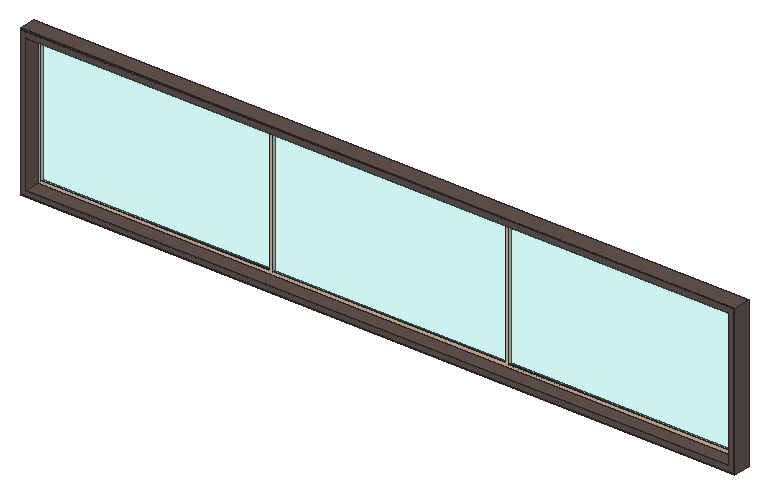
Revit family "RYN_WIN_TopFixed3_In.ST.Gls._Fr.ST.AL", category Windows, host Wall, Revit 2025
Family settings
  Host = Wall
  OmniClass Number = 23.30.10.00
  Always vertical = Yes
  Cut with Voids When Loaded = No
  Shared = No
  Room Calculation Point = No
Parameters (values of type "W4000 X H4000 mm")
  Width = RYN_WIN_Width  # 6000.00 mm
  Visual Light Transmittance = 0
  Type Comments = "RYN_DOR_Swing_2Panel_In.GLS_Fr.AL"
  Top panel Frame Width = 25.00 mm
  Top Panel Width = RYN_WIN_Width - 2 * RYN_Door_FrameDepth  # 5900.00 mm
  Top Panel Height = RYN_WIN_Height - 2 * RYN_Door_FrameDepth - RYN_Door_PanelHeight - Between Height Top & Door - RYN_Door_FrameDepth  # 1150.00 mm
  Thickness = 0.00 mm
  Thermal Resistance (R) = 0.270117 (m²·K)/W
  Swing Angle [instance] = 75.00°
  Solar Heat Gain Coefficient = 0
  Side Panel Width = (RYN_WIN_Width - Mid 2 Panel Width - 4 * RYN_Door_FrameDepth) / 2  # 1900.00 mm
  RYN_WIN_Width = 6000.00 mm
  RYN_WIN_Height = 4500.00 mm
  RYN_Material_Louver = RYN_MAT_DoorPanel_Louver_Aluminium
  RYN_Material_Glass = RYN_MAT_DoorPanel_Glazing
  RYN_Material_DoorLeaf = RYN_MAT_DoorPanel_Timber
  RYN_Material_DoorFrame = RYN_MAT_DoorFrame_Timber
  RYN_Door_TrimProjection.In = 25.00 mm
  RYN_Door_TrimProjection = 25.00 mm
  RYN_Door_SwingAngle = 75.00°
  RYN_Door_PanelWidth = Mid 2 Panel Width / 2  # 1000.00 mm
  RYN_Door_PanelThickness = 25.00 mm
  RYN_Door_PanelHeight = 2800.00 mm
  RYN_Door_PanelFrameDepth = 100.00 mm
  RYN_Door_OpenArea = RYN_Door_PanelWidth * RYN_Door_PanelHeight  # 2.80 m²
  RYN_Door_OffsetFromExternalSide = 25.00 mm
  RYN_Door_Name = ""
  RYN_Door_HandleOffset = 200.00 mm
  RYN_Door_HandleHeight = 900.00 mm
  RYN_Door_GlassThickness = 12.00 mm
  RYN_Door_FrameWidth = 150.00 mm
  RYN_Door_FrameDepth = 50.00 mm
  Pivot Point = 600.00 mm
  Open Width = RYN_WIN_Width - 2 * RYN_Door_FrameDepth  # 5900.00 mm
  Op Height = RYN_WIN_Height - RYN_Door_FrameDepth  # 4450.00 mm
  Mid Panel Material = yes
  Mid 2 Panel Width = 2000.00 mm
  LVR WIDTH = RYN_WIN_Width - 2 * (LVR OFF + RYN_Door_FrameDepth)  # 5700.00 mm
  LVR OFF = 100.00 mm
  LVR NOS = 25
  LVR HEIGHT = RYN_WIN_Height - 2 * LVR OFF - RYN_Door_FrameDepth  # 4250.00 mm
  LOUVER = no
  Height = RYN_WIN_Height  # 4500.00 mm
  Heat Transfer Coefficient (U) = 3.7021 W/(m²·K)
  GLASS = yes
  Door Panel In Timber = Door - Panel In Timber
  Description = "2 Panel Swing Door - Glass Panel - Aluminum Frame"
  Construction Type Id = "MDOOR"
  Wall Closure = By host
  Between Height Top & Door = 400.00 mm
  Actual Pivot Point = if(Pivot Point < 1.00 mm, 1.00 mm, Pivot Point)  # 600.00 mm
Reference planes
  plane 1: y = 0
  plane 2: z = 0
  plane 3: x = 0
  plane 4: x = -2950
  plane 5: x = 2950
  plane 6: z = 2800
  plane 7: z = 4500
  plane 8 "WALL": y = 95
  plane 9 "Off": y = 70
  plane 10: x = -3000
  plane 11: x = 3000
  plane 12: x = 1000
  plane 13: x = -1000
  plane 14: x = 1050
  plane 15: x = -1050
  plane 16: z = 2850
  plane 17: x = 400
  plane 18: z = 3300
  plane 19: z = 3250
Forms (mm)
  Sweep 1, solid, material "RYN_MAT_DoorFrame_Timber" <- "RYN_Material_DoorFrame"
    path origin (0, 70, 0) x (1, 0, 0) y (0, 0, 1)
      loop
        line (-3000, 4500) -> (-3000, 3250) -> (3000, 3250) -> (3000, 4500) -> (-3000, 4500)
    profile "RYN_DOR_PRO_Frame : RYN_DOR_PRO_Frame" origin (3000, 70, 3875) x (1, 0, 0) y (0, -1, 0)
      loop
        line (0, 145) -> (-5, 145) -> (-5, 150) -> (-50, 150) -> (-50, 0) -> (-5, 0) -> (-5, 5) -> (0, 5) -> (0, 145)
Lines and regions (mm)
  Opening 1
    outline origin (-1524, -145, 3657.6) x (0, 0, -1) y (1, 0, 0)
      loop
        line (-842.4, -1476) -> (407.6, -1476) -> (407.6, 4524) -> (-842.4, 4524) -> (-842.4, -1476)
  model lines
    curve 1: line (-3000, -145, 3250) -> (-3000, -145, 4500)
    curve 2: line (-3000, -145, 4500) -> (3000, -145, 4500)
    curve 3: line (3000, -145, 4500) -> (3000, -145, 3250)
  symbolic lines
    curve 4: line (-2950, 95, 0) -> (-2925, 95, 0)
    curve 5: line (2950, 95, 0) -> (2925, 95, 0)
    curve 6: line (-3000, 70, 3250) -> (3000, 70, 3250)
Dimensions and locks
  equal spacing: plane 4, plane 3, plane 5
  "Open Width": plane 4 to plane 5
  "RYN_Door_PanelHeight": plane 6 to plane 2
  "RYN_Door_FrameDepth": plane 4 to curve 1
  "RYN_Door_FrameDepth": plane 5 to curve 3
  "RYN_Door_FrameDepth": plane 6 to plane 16
  plane 6 to level = 2800.00 mm  (x2)
  "RYN_WIN_Height": plane 7 to level
  equal spacing: plane 11, plane 3, plane 10
  "RYN_WIN_Width": plane 11 to plane 10
  equal spacing: plane 13, plane 3, plane 12
  "Mid 2 Panel Width": plane 13 to plane 12
  "RYN_Door_FrameDepth": plane 15 to plane 13
  "RYN_Door_FrameDepth": plane 12 to plane 14
  "RYN_Door_OffsetFromExternalSide": plane 8 "WALL" to plane 9 "Off"
  plane 6 to plane 2 = 2800.00 mm  (x2)
  "Actual Pivot Point": plane 17 to plane 12
  "Between Height Top & Door": plane 19 to plane 16
  "RYN_Door_FrameDepth": plane 18 to plane 19
  aligned and locked: host wall to plane 8 "WALL"
  aligned and locked: Opening 1 sketch curve to plane 10
  aligned and locked: plane 7 to Opening 1 sketch curve
  aligned and locked: Opening 1 sketch curve to plane 11
  aligned and locked: Sweep 1 sketch curve to plane 10
  aligned and locked: Sweep 1 sketch curve to plane 7
  aligned and locked: Sweep 1 sketch curve to plane 11
  aligned and locked: nested 1 to plane 17
  aligned and locked: plane 9 "Off" to nested 1
  aligned and locked: plane 3 to nested 2
  aligned and locked: nested 2 to plane 18
  aligned and locked: level to plane 2
  aligned and locked: plane 9 "Off" to nested 2
  aligned and locked: plane 7 to curve 2
  aligned and locked: Sweep 1 sketch curve to plane 19  (x2)
  aligned and locked: Opening 1 sketch curve to plane 19
  aligned and locked: curve 6 to plane 19
Automatic sketch dimensions
  curve 4 to plane 4 = 25.00 mm
  curve 6 to plane 10 = 0.00 mm
  curve 6 to plane 4 = 5950.00 mm
  curve 1 to plane 19 = 0.00 mm
  curve 3 to plane 19 = 0.00 mm
  curve 5 to host wall = 0.00 mm
  curve 5 to plane 5 = 0.00 mm
  plane 5 to curve 5 = 25.00 mm
  curve 4 to host wall = 0.00 mm
  curve 4 to plane 4 = 0.00 mm
Nested families
  nested 1: "Door - Plan Pivot Swing" at (400, 70, 0), Swing Angle <- "Swing Angle", type "Door - Plan Pivot Swing"
    with Swing Angle 75.00°, Actual Angle 75.00°, Width 2000.00 mm, Swing Width 1400.00 mm, RYN_Door_PanelWidth 2000.00 mm, RYN_Door_PanelThickness 25.00 mm, Pivot Point 600.00 mm
  nested 2: "TOP PANEL - MID" at (-44.7, 70, 3300), type "TOP PANEL - MID"
    with Sliding ON no, H4 ON no, H3 ON no, H2 ON no, H1 ON no, Panel frame width 25.00 mm, Mid Space 1958.333 mm, Height 1150.00 mm, Width 5900.00 mm, GLASS THICKNESS 12.00 mm
Definition of nested family "TOP PANEL - MID"
  Parameters (values of type "TOP PANEL - MID")
    Sliding ON [instance] = yes
    PANEL = none
    Thickness = 25.00 mm
    Panel frame width = 100.00 mm
    Mid Space = (Width - Panel frame width) / 3  # 1633.333 mm
    Height = 550.00 mm
    Width = 5000.00 mm
    H4 ON [instance] = yes
    H3 ON [instance] = yes
    H1 ON [instance] = yes
    HANDLE OFF = 50.00 mm
    H2 ON [instance] = yes
    GLASS THICKNESS = 10.00 mm
    GLASS = none
    Function = 1
    Door Handle Height = 900.00 mm
    Define Thermal Properties by = 1
    Analytic Construction = "<None>"
  Reference planes
    plane 1 "center": y = -12.5
    plane 2: z = 0
    plane 3 "Center (Left/Right)": x = 44.7
    plane 4 "Front": y = -25
    plane 5 "2": y = 0
    plane 6 "3": x = 2544.7
    plane 7 "4": x = -2455.3
    plane 8 "5": z = 550
    plane 9: z = 275
    plane 10: z = 100
    plane 11: z = 450
    plane 12: x = -2405.3
    plane 13: z = 900
    plane 14: x = 2494.7
    plane 15: x = 2444.7
    plane 16: x = -2355.3
    plane 17: x = -821.966
    plane 18: x = 911.367
    plane 19: x = -871.966
    plane 20: x = 861.367
    plane 21: x = -771.966
    plane 22: x = 961.367
  Forms (mm)
    Extrusion 1, solid, material <- "PANEL"
      sketch origin (0, -12.5, 0) x (1, 0, 0) y (0, 0, 1)
        loop
          line (-2455.3, 0) -> (2544.7, 0) -> (2544.7, 550) -> (-2455.3, 550) -> (-2455.3, 0)
        loop
          line (-2355.3, 450) -> (-2355.3, 100) -> (-871.966, 100) -> (-871.966, 450) -> (-2355.3, 450)
        loop
          line (2444.7, 100) -> (2444.7, 450) -> (961.367, 450) -> (961.367, 100) -> (2444.7, 100)
        loop
          line (-771.966, 450) -> (-771.966, 100) -> (861.367, 100) -> (861.367, 450) -> (-771.966, 450)
      from -12.5 to 12.5
    Extrusion 2, solid, material <- "GLASS"
      sketch origin (0, -25, 0) x (1, 0, 0) y (0, 0, 1)
        loop
          line (-2355.3, 450) -> (-2355.3, 100) -> (-871.966, 100) -> (-871.966, 450) -> (-2355.3, 450)
        loop
          line (2444.7, 100) -> (2444.7, 450) -> (961.367, 450) -> (961.367, 100) -> (2444.7, 100)
        loop
          line (-771.966, 450) -> (-771.966, 100) -> (861.367, 100) -> (861.367, 450) -> (-771.966, 450)
      from -17.5 to -7.5
  Lines and regions (mm)
    symbolic lines, visible <- "Sliding ON"
      curve 1: line (124.7, -25, 432.027) -> (-35.3, -25, 432.027)
      curve 2: line (-35.3, -25, 432.027) -> (14.7, -25, 482.027)
      curve 3: line (124.7, -25, 367.027) -> (-35.3, -25, 367.027)
      curve 4: line (124.7, -25, 367.027) -> (74.7, -25, 317.027)
  Dimensions and locks
    plane 4 "Front" to plane 1 "center" = 12.50 mm
    equal spacing: plane 7 "4", plane 3 "Center (Left/Right)", plane 6 "3"
    "Width": plane 7 "4" to plane 6 "3"
    "Height": plane 8 "5" to level
    "Width": Extrusion 1 to Extrusion 1
    equal spacing: Extrusion 1, plane 3 "Center (Left/Right)", Extrusion 1
    equal spacing: plane 4 "Front", plane 1 "center", plane 5 "2"
    "Thickness": plane 4 "Front" to plane 5 "2"
    equal spacing: Extrusion 2, plane 1 "center", Extrusion 2
    equal spacing: plane 11, plane 9, plane 10
    "Panel frame width": plane 8 "5" to plane 11
    "Panel frame width": plane 10 to level
    "GLASS THICKNESS": Extrusion 2 to Extrusion 2
    "Door Handle Height": plane 13 to level
    "Panel frame width": plane 7 "4" to plane 16
    "Panel frame width": plane 15 to plane 6 "3"
    "HANDLE OFF": plane 12 to plane 16
    "HANDLE OFF": plane 15 to plane 14
    equal spacing: plane 21, plane 17, plane 19
    equal spacing: plane 22, plane 18, plane 20
    "Panel frame width": plane 22 to plane 20
    "Panel frame width": plane 21 to plane 19
    equal spacing: plane 20, plane 3 "Center (Left/Right)", plane 21
    "Mid Space": plane 20 to plane 21
    aligned and locked: level to plane 2
    aligned and locked: Extrusion 1 to plane 8 "5"
    aligned and locked: Extrusion 1 to level
    aligned and locked: Extrusion 1 to plane 7 "4"
    aligned and locked: plane 6 "3" to Extrusion 1
    aligned and locked: Extrusion 2 to Extrusion 1  (x4)
    aligned and locked: Extrusion 1 to plane 4 "Front"
    aligned and locked: Extrusion 1 to plane 5 "2"
    aligned and locked: Extrusion 1 to plane 15
    aligned and locked: Extrusion 1 to plane 16
    aligned and locked: plane 21 to Extrusion 1 sketch curve
    aligned and locked: plane 19 to Extrusion 1 sketch curve
    aligned and locked: plane 20 to Extrusion 1 sketch curve
    aligned and locked: plane 22 to Extrusion 1 sketch curve
    aligned and locked: plane 19 to Extrusion 2 sketch curve
    aligned and locked: plane 21 to Extrusion 2 sketch curve
    aligned and locked: plane 20 to Extrusion 2 sketch curve
    aligned and locked: plane 22 to Extrusion 2 sketch curve
  Automatic sketch dimensions
    Extrusion 1 sketch curve to plane 7 "4" = 0.00 mm
    Extrusion 1 sketch curve to level = 0.00 mm
    Extrusion 1 sketch curve to plane 6 "3" = 0.00 mm
    Extrusion 1 sketch curve to plane 8 "5" = 0.00 mm
    plane 12 to Extrusion 1 sketch curve = 50.00 mm
    plane 14 to Extrusion 1 sketch curve = 50.00 mm
    plane 12 to Extrusion 2 sketch curve = 50.00 mm
    plane 14 to Extrusion 2 sketch curve = 50.00 mm
    curve 1 to plane 3 "Center (Left/Right)" = 80.00 mm
    curve 1 to curve 3 = 0.00 mm
    plane 3 "Center (Left/Right)" to curve 3 = 80.00 mm
    plane 9 to curve 4 = 92.027 mm
    curve 3 to curve 2 = 65.00 mm
    curve 2 to plane 3 "Center (Left/Right)" = 30.00 mm
    plane 3 "Center (Left/Right)" to curve 4 = 30.00 mm
    plane 9 to curve 4 = 42.027 mm
    curve 1 to curve 2 = 50.00 mm
    plane 3 "Center (Left/Right)" to curve 1 = 80.00 mm
    Extrusion 1 sketch curve to Extrusion 1 sketch curve = 0.00 mm
    Extrusion 1 sketch curve to plane 11 = 0.00 mm  (x3)
    Extrusion 1 sketch curve to plane 10 = 0.00 mm  (x2)
    Extrusion 2 sketch curve to Extrusion 2 sketch curve = 0.00 mm  (x2)
    Extrusion 2 sketch curve to plane 11 = 0.00 mm  (x3)
    Extrusion 2 sketch curve to plane 10 = 0.00 mm
Definition of nested family "Door - Plan Pivot Swing"
  Parameters (values of type "Door - Plan Pivot Swing")
    Width = RYN_Door_PanelWidth  # 1200.00 mm
    Thickness = RYN_Door_PanelThickness  # 12.00 mm
    Swing Width = RYN_Door_PanelWidth - Pivot Point  # 1175.00 mm
    Swing Angle [instance] = 75.00°
    RYN_Door_PanelWidth = 1200.00 mm
    RYN_Door_PanelThickness = 12.00 mm
    Pivot Point = 25.00 mm
    Define Thermal Properties by = 1
    Default Elevation = 0.00 mm
    Analytic Construction = "<None>"
    Actual Angle [instance] = if(Swing Angle < 1.00°, 1.00°, Swing Angle)  # 75.00°
  Reference planes
    plane 1 "Center (Front/Back)": y = 0
    plane 2: z = 0
    plane 3 "Center (Left/Right)": x = 0
  Lines and regions (mm)
    Masking region 1
      outline origin (0, 0, 0) x (1, 0, 0) y (0, 1, 0)
        loop
          line (-298.317, 1136.516) -> (-309.908, 1133.41) -> (0.675, -25.701) -> (12.266, -22.595) -> (-298.317, 1136.516)
    reference lines
      curve 1: line (-309.908, 1133.41, 0) -> (0.675, -25.701, 0)
      curve 2: line (-298.317, 1136.516, 0) -> (12.266, -22.595, 0)
      curve 3: line (-304.112, 1134.963, 0) -> (6.47, -24.148, 0)
      curve 4: line (0.675, -25.701, 0) -> (12.266, -22.595, 0)
      curve 5: line (-5.796, -1.553, 0) -> (0, 0, 0)
      curve 6: line (-309.908, 1133.41, 0) -> (-298.317, 1136.516, 0)
    symbolic lines
      curve 7: arc (6.47, -24.148, 0) -> (19.834, -15.219, 0) -> (25, 0, 0) r 25
      curve 8: arc (-304.112, 1134.963, 0) -> (-932.19, 715.295, 0) -> (-1175, 0, 0) r 1175
  Dimensions and locks
    equal spacing: curve 1, curve 3, curve 2
    "RYN_Door_PanelThickness": curve 1 to curve 2
    "Pivot Point": curve 4 to curve 5
    "RYN_Door_PanelWidth": curve 4 to curve 6
    "Pivot Point": radius of curve 7
    "Swing Width": radius of curve 8
    locked: curve 2 to curve 4 (angle 90.00°)
    locked: curve 6 to curve 2 (angle 90.00°)
    "Actual Angle": angle curve 5 to plane 3 "Center (Left/Right)"
    aligned and locked: level to plane 2
    aligned and locked: plane 1 "Center (Front/Back)" to curve 5
    aligned and locked: plane 3 "Center (Left/Right)" to curve 5
    aligned and locked: curve 5 to curve 7
    aligned and locked: curve 3 to curve 7  (x2)
    aligned and locked: plane 1 "Center (Front/Back)" to curve 7
    aligned and locked: curve 5 to curve 8
    aligned and locked: curve 3 to curve 8
    aligned and locked: curve 8 to curve 3
    aligned and locked: plane 1 "Center (Front/Back)" to curve 8
    aligned and locked: Masking region 1 sketch curve to curve 2
    aligned and locked: Masking region 1 sketch curve to curve 6
    aligned and locked: Masking region 1 sketch curve to curve 1
    aligned and locked: Masking region 1 sketch curve to curve 4
